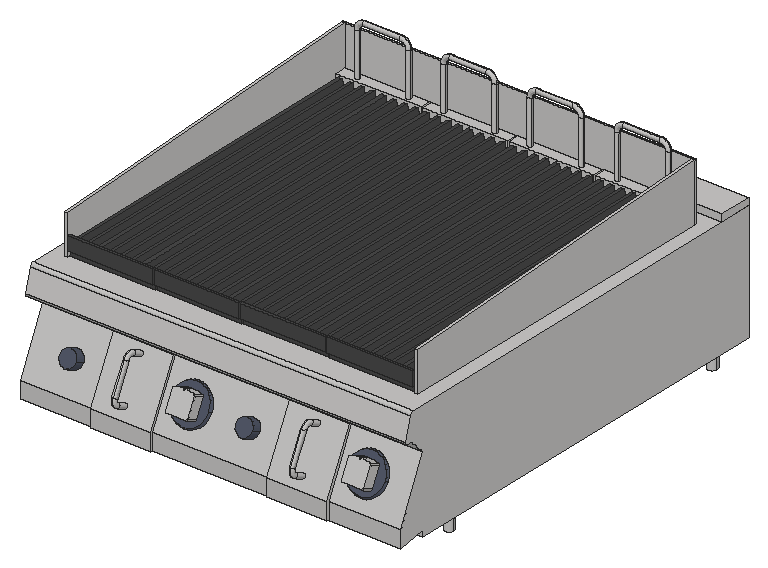
Revit family "QF_ZANUSSI_392065_Z9GRGHGC0P", category Specialty Equipment, Revit 2018
Family settings
  Round Connector Dimension = Use Diameter
  Part Type = Normal
  Work Plane-Based = No
  Always vertical = Yes
  Cut with Voids When Loaded = No
  Shared = No
  Room Calculation Point = No
Parameters
  Width = 800 mm  # constant formula
  Weight in Pounds = 110  # constant formula
  Weight = 0.00 kg
  Watts = 0 W
  Volts = 0 V
  URL Manufacturer = "http://www.zanussiprofessional.com"
  URL Cutsheet = "www.electrolux.com"
  URL = "http://www.zanussiprofessional.com"
  Type Mark [instance] = ""
  Steam Supply Size = 0"
  Steam Supply Minimum Pressure = 0.00 psi
  Steam Supply Maximum Pressure = 0.00 psi
  Steam Pounds per Hour = 0
  Status [instance] = ""
  Specification by User [instance] = ""
  Specification by Manufacturer = ""
  Show Logo [instance] = yes
  Show Clearance [instance] = yes
  Serial Number = ""
  Seismic Rating = ""
  SMACNA No = ""
  Revision Code [instance] = ""
  Refrigeration Suction Line Size = 0"
  Refrigeration Liquid Line Size = 0"
  Refrigerant Compressor Remote = yes
  Phase = 0
  Omniclass Number and Title = ""
  NAFEM Spec ID Number = ""
  Model = "Z9GRGHGC0P"
  Mechanical Remarks [instance] = ""
  Mechanical Connection Type [instance] = ""
  Masterspec = ""
  Manufacturer = "Zanussi"
  Length Actual = 800 mm  # constant formula
  Item Number [instance] = "392065"
  Installed By [instance] = ""
  Identify Quantity as Lot [instance] = yes
  Hot Water Size = 0"
  Height Actual = 250 mm  # constant formula
  HP = "0 HP"
  Gas Size = 1/2"  # constant formula
  Gas RI Height [instance] = 0 mm
  Gas KW [instance] = 21  # constant formula
  Gas Input [instance] = 71589.0 Btu/h  # constant formula
  Gas Connection Height = 0 mm
  Furnished By [instance] = ""
  Foodservice Equipment Identifier [instance] = yes
  Direct Waste Size = 0"
  Description = "GAS GRILL TOP HP 800 MM"
  Depth Actual = 900 mm  # constant formula
  Depth = 915 mm  # constant formula
  Cycle = 0 Hz
  Condensate Return Size = 0"
  Compressed Air Volume = 0 GPM
  Compressed Air Size = 0"
  Compressed Air Pressure = 0.00 psi
  Cold Water Size = 0"
  CSI MasterFormat = ""
  CSI Master Format = ""
  Base Height [instance] = 0 mm
  Accessory = yes
Reference planes
  plane 1 "BACK": y = 0
  plane 2: z = 0
  plane 3 "LEFT": x = 0
  plane 4 "RIGHT": x = 800
  plane 5 "FRONT": y = -915
  plane 6 "TOP": z = 274
  plane 7 "Center Y": x = 400
  plane 8 "Center X": y = -457.5
  plane 9: z = 24
  plane 10: z = 424
  plane 11: x = 11
  plane 12: x = 789
  plane 13: y = -1690
  plane 14: x = 748
Forms (mm)
  Extrusion 1, solid, material "QF_Finishes_Stainless Steel"
    sketch origin (0, 0, 0) x (0, 1, 0) y (0, 0, 1)
      loop
        line (0, 24) -> (0, 274) -> (-879.358, 274)
        arc (-879.358, 274) -> (-884.643, 271.811) -> (-886.833, 266.526) r 7.474
        line (-886.833, 266.526) -> (-899.884, 221.011)
        arc (-899.884, 221.011) -> (-899.396, 218.379) -> (-897, 217.184) r 3
        line (-897, 217.184) -> (-886.802, 217.184) -> (-854.982, 185.364) -> (-915, 64.508) -> (-915, 29.508) -> (-858.645, 37.428)
        arc (-858.645, 37.428) -> (-856.101, 36.674) -> (-855, 34.259) r 3.2
        line (-855, 34.259) -> (-855, 24) -> (0, 24)
    from 0 to 800.1
  Extrusion 2, solid, material "QF_Finishes_Stainless Steel"
    sketch origin (0, 0, 0) x (1, 0, 0) y (0, 1, 0)
      loop
        circle (11, -80) r 9.525
      loop
        circle (11, -773) r 9.525
      loop
        circle (789, -80) r 9.525
      loop
        circle (789, -773) r 9.525
    from 0 to 24
  Extrusion 3, solid, material "QF_Clearances", visible <- "Show Clearance", detail levels coarse
    sketch origin (0, 0, 0) x (1, 0, 0) y (0, 1, 0)
      loop
        line (0, -915) -> (0, 0) -> (800, 0) -> (800, -915) -> (950.119, -915) -> (950.119, 150.019) -> (-150.019, 150.019) -> (-150.019, -915) -> (0, -915)
    from 0 to 424
  Sweep 4, solid, material "QF_Door-Drawer Clearances", visible <- "Show Clearance", detail levels coarse
    path origin (213.65, -948.649, 0) x (0, 1, 0) y (0, 0, 1)
      loop
        line (-670.615, 170.424) -> (-691.243, 179.918)
        arc (-691.243, 179.918) -> (-700.956, 180.294) -> (-708.09, 173.692) r 12.7
        line (-708.09, 173.692) -> (-735.638, 113.839)
        arc (-735.638, 113.839) -> (-736.013, 104.126) -> (-729.411, 96.993) r 12.7
        line (-729.411, 96.993) -> (-708.782, 87.498)
    profile origin (213.65, -1629.578, 175.171) x (0, -0.418102, -0.9084) y (1, 0, 0)
      loop
        circle (0, 0) r 4.572
  Extrusion 5, solid, material "QF_Finishes_Black"
    sketch origin (0, 0, 275) x (0, -1, 0) y (1, 0, 0)
      loop
        line (829.485, 36.625) -> (829.485, 216.737) -> (130.285, 216.737) -> (130.285, 36.625) -> (829.485, 36.625)
      loop
        line (130.285, 398.45) -> (130.285, 219.937) -> (829.485, 219.937) -> (829.485, 398.45) -> (130.285, 398.45)
      loop
        line (829.485, 763.475) -> (130.285, 763.475) -> (130.285, 583.363) -> (829.485, 583.363) -> (829.485, 763.475)
      loop
        line (130.285, 401.65) -> (829.485, 401.65) -> (829.485, 580.162) -> (130.285, 580.162) -> (130.285, 401.65)
    from 0 to 12.7
  Extrusion 6, solid, material "QF_Finishes_Stainless Steel"
    sketch origin (0, 0, 275) x (0, -1, 0) y (1, 0, 0)
      loop
        line (130.285, 36.625) -> (130.285, 216.737) -> (107.795, 216.737) -> (107.795, 36.625) -> (130.285, 36.625)
      loop
        line (130.285, 219.938) -> (130.285, 398.45) -> (107.795, 398.45) -> (107.795, 219.938) -> (130.285, 219.938)
      loop
        line (130.285, 763.475) -> (107.795, 763.475) -> (107.795, 583.363) -> (130.285, 583.363) -> (130.285, 763.475)
      loop
        line (130.285, 580.162) -> (107.795, 580.162) -> (107.795, 401.65) -> (130.285, 401.65) -> (130.285, 580.162)
    from 0 to 37.056
  Extrusion 7, solid, material "QF_Finishes_Black"
    sketch origin (52.271, -831.985, 287.7) x (-0.153405, 0, 0.988163) y (-0.988163, 0, -0.153405)
      loop
        line (-25.23, -162.52) -> (3.778, -167.024) -> (31.408, 10.957) -> (2.4, 15.46) -> (-25.23, -162.52)
      loop
        line (-53.106, -342.082) -> (-24.098, -346.585) -> (3.287, -170.186) -> (-25.721, -165.682) -> (-53.106, -342.082)
      loop
        line (-80.981, -521.643) -> (-51.973, -526.147) -> (-24.588, -349.747) -> (-53.597, -345.244) -> (-80.981, -521.643)
      loop
        line (-109.103, -702.786) -> (-80.094, -707.289) -> (-52.464, -529.309) -> (-81.472, -524.806) -> (-109.103, -702.786)
    from 5 to 0
  Sweep 8, solid, material "QF_Finishes_Stainless Steel"
    path origin (2.969, -118.772, 31.265) x (0, 0, 1) y (-1, 0, 0)
      loop
        line (279.79, -69.374) -> (372.677, -69.374)
        arc (372.677, -69.374) -> (383.453, -73.837) -> (387.917, -84.614) r 15.24
        line (387.917, -84.614) -> (387.917, -162.056)
        arc (387.917, -162.056) -> (383.453, -172.833) -> (372.677, -177.296) r 15.24
        line (372.677, -177.296) -> (279.79, -177.296)
    profile origin (72.343, -118.772, 357.499) x (-1, 0, 0) y (0, -1, 0)
      loop
        circle (0, 0) r 4.572
  Sweep 9, solid, material "QF_Finishes_Stainless Steel"
    path origin (173.525, -118.772, 31.265) x (0, 0, 1) y (-1, 0, 0)
      loop
        line (279.79, -80.474) -> (372.677, -80.474)
        arc (372.677, -80.474) -> (383.453, -84.937) -> (387.917, -95.714) r 15.24
        line (387.917, -95.714) -> (387.917, -173.156)
        arc (387.917, -173.156) -> (383.453, -183.933) -> (372.677, -188.396) r 15.24
        line (372.677, -188.396) -> (279.79, -188.396)
    profile origin (253.999, -118.772, 357.499) x (-1, 0, 0) y (0, -1, 0)
      loop
        circle (0, 0) r 4.572
  Extrusion 10, solid, material "QF_Finishes_Stainless Steel"
    sketch origin (35.025, -104.885, 396.363) x (0, -1, 0) y (0, 0, -1)
      loop
        line (0, 0) -> (728.115, 38.857) -> (728.115, 122.362) -> (0, 122.362) -> (0, 0)
    from 0 to -6.35
  Extrusion 11, solid, material "QF_Finishes_Stainless Steel"
    sketch origin (35.025, -104.885, 274) x (0, 0, 1) y (1, 0, 0)
      loop
        line (0, -6.35) -> (122.362, -6.35) -> (122.363, 736.3) -> (0, 736.3) -> (0, -6.35)
    from 0 to 3.2
  Sweep 12, solid, material "QF_Finishes_Stainless Steel"
    path origin (796.35, -118.772, 31.265) x (0, 0, 1) y (-1, 0, 0)
      loop
        line (279.79, 69.374) -> (372.677, 69.374)
        arc (372.677, 69.374) -> (383.453, 73.837) -> (387.917, 84.614) r 15.24
        line (387.917, 84.614) -> (387.917, 162.056)
        arc (387.917, 162.056) -> (383.453, 172.833) -> (372.677, 177.296) r 15.24
        line (372.677, 177.296) -> (279.79, 177.296)
    profile origin (726.976, -118.772, 357.499) x (-1, 0, 0) y (0, -1, 0)
      loop
        circle (0, 0) r 4.572
  Sweep 13, solid, material "QF_Finishes_Stainless Steel"
    path origin (624.153, -118.772, 31.265) x (0, 0, 1) y (-1, 0, 0)
      loop
        line (279.79, 80.474) -> (372.677, 80.474)
        arc (372.677, 80.474) -> (383.453, 84.937) -> (387.917, 95.714) r 15.24
        line (387.917, 95.714) -> (387.917, 173.156)
        arc (387.917, 173.156) -> (383.453, 183.933) -> (372.677, 188.396) r 15.24
        line (372.677, 188.396) -> (279.79, 188.396)
    profile origin (543.679, -118.772, 357.499) x (-1, 0, 0) y (0, -1, 0)
      loop
        circle (0, 0) r 4.572
  Extrusion 14, solid, material "QF_Finishes_Stainless Steel"
    sketch origin (0, 0, 275) x (0, -1, 0) y (1, 0, 0)
      loop
        line (0, 800.1) -> (0, 0) -> (69.85, 0) -> (69.85, 800.1) -> (0, 800.1)
    from 0 to 14.3
  Extrusion 15, solid, material "QF_Finishes_Stainless Steel"
    sketch origin (764.975, -104.885, 396.363) x (0, -1, 0) y (0, 0, 1)
      loop
        line (0, 0) -> (0, -122.362) -> (728.115, -122.362) -> (728.115, -38.857) -> (0, 0)
    from 0 to -6.35
  Extrusion 16, solid, material "QF_Finishes_Stainless Steel"
    sketch origin (0, 0, 24) x (-1, 0, 0) y (0, 1, 0)
      loop
        circle (-748, -648) r 6.35
    from 0 to 9
  Extrusion 17, solid, material "QF_Finishes_Stainless Steel"
    sketch origin (0, 0, 0) x (1, 0, 0) y (0, 0, 1)
      loop
        circle (748, 78) r 6.35
    from 50 to 101.685
  Sweep 18, solid, material "QF_Finishes_Stainless Steel"
    path origin (387.393, -208.902, -20.16) x (0, 0.999563, -0.029571) y (0, 0.029571, 0.999563)
      loop
        line (-662.718, 170.424) -> (-683.347, 179.918)
        arc (-683.347, 179.918) -> (-693.06, 180.294) -> (-700.193, 173.692) r 12.7
        line (-700.193, 173.692) -> (-727.741, 113.839)
        arc (-727.741, 113.839) -> (-728.117, 104.126) -> (-721.514, 96.993) r 12.7
        line (-721.514, 96.993) -> (-700.886, 87.498)
    profile origin (387.393, -876.46, 174.836) x (0, -0.444781, -0.895639) y (1, 0, 0)
      loop
        circle (0, 200.05) r 4.572
  Extrusion 19, solid, material "QF_Finishes_Drawer Clearance", visible <- "Show Clearance", detail levels coarse
    sketch origin (521.343, -200, -1.582) x (0, 1, 0) y (0, 0, 1)
      loop
        line (-718.2, 31.09) -> (-718.2, 66.841) -> (-658.224, 187.612) -> (-1412.081, 187.612) -> (-1467.667, 66.841) -> (-1467.667, 31.09) -> (-718.2, 31.09)
    from 0 to 127
  Extrusion 20, solid, material "QF_Plastic-Black-Matte"
    sketch origin (649.993, -884.991, 124.936) x (0, 0.444781, 0.895639) y (0, 0.895639, -0.444781)
      loop
        line (26.984, -34) -> (23.984, -34) -> (23.984, -35) -> (26.984, -35)
        arc (26.984, -35) -> (27.691, -34.707) -> (27.984, -34) r 1
        line (27.984, -34) -> (27.984, -19) -> (26.984, -19) -> (26.984, -34)
    from -58.5 to -56.5
  Extrusion 21, solid, material "QF_Finishes_Stainless Steel"
    sketch origin (707.493, -884.991, 124.936) x (-1, 0, 0) y (0, -0.444781, -0.895639)
      loop
        line (17.6, -17.5) -> (17.6, 17.5) -> (-17.4, 17.5) -> (-17.4, -17.5) -> (17.6, -17.5)
    from 5 to 10
  Extrusion 22, solid, material "QF_Finishes_Stainless Steel"
    sketch origin (707.493, -884.991, 124.936) x (-1, 0, 0) y (0, -0.444781, -0.895639)
      loop
        arc (-21.047, -22.789) -> (0.1, -26.984) -> (21.247, -22.789) r 55.4
        arc (21.247, -22.789) -> (22.594, -21.685) -> (23.1, -20.019) r 2.997
        line (23.1, -20.019) -> (23.1, 20.019)
        arc (23.1, 20.019) -> (22.222, 22.138) -> (20.103, 23.016) r 2.997
        line (20.103, 23.016) -> (-19.903, 23.016)
        arc (-19.903, 23.016) -> (-22.022, 22.138) -> (-22.9, 20.019) r 2.997
        line (-22.9, 20.019) -> (-22.9, -20.019)
        arc (-22.9, -20.019) -> (-22.394, -21.685) -> (-21.047, -22.789) r 2.997
    from 10 to 34
  Blend 23, solid, material "QF_Finishes_Navy Blue"
    base sketch origin (707.493, -884.991, 124.936) x (1, 0, 0) y (0, 0.444781, 0.895639)
      loop
        circle (-0.1, 0) r 42.5
    top sketch origin (707.493, -884.991, 124.936) x (1, 0, 0) y (0, 0.444781, 0.895639)
      loop
        circle (-0.1, 0) r 40.5
    from 0 to 5
  Sweep 24, solid, material "QF_Finishes_Stainless Steel"
    path origin (13.472, -208.902, -20.16) x (0, 0.999563, -0.029571) y (0, 0.029571, 0.999563)
      loop
        line (-662.718, 170.424) -> (-683.347, 179.918)
        arc (-683.347, 179.918) -> (-693.06, 180.294) -> (-700.193, 173.692) r 12.7
        line (-700.193, 173.692) -> (-727.741, 113.839)
        arc (-727.741, 113.839) -> (-728.117, 104.126) -> (-721.514, 96.993) r 12.7
        line (-721.514, 96.993) -> (-700.886, 87.498)
    profile origin (13.472, -876.46, 174.836) x (0, -0.444781, -0.895639) y (1, 0, 0)
      loop
        circle (0, 200.05) r 4.572
  Extrusion 25, solid, material "QF_Plastic-Black-Matte"
    sketch origin (279.193, -884.991, 124.936) x (0, 0.444781, 0.895639) y (0, 0.895639, -0.444781)
      loop
        line (26.984, -34) -> (23.984, -34) -> (23.984, -35) -> (26.984, -35)
        arc (26.984, -35) -> (27.691, -34.707) -> (27.984, -34) r 1
        line (27.984, -34) -> (27.984, -19) -> (26.984, -19) -> (26.984, -34)
    from -58.5 to -56.5
  Extrusion 26, solid, material "QF_Finishes_Stainless Steel"
    sketch origin (336.693, -884.991, 124.936) x (-1, 0, 0) y (0, -0.444781, -0.895639)
      loop
        line (17.55, -17.5) -> (17.55, 17.5) -> (-17.45, 17.5) -> (-17.45, -17.5) -> (17.55, -17.5)
    from 5 to 10
  Extrusion 27, solid, material "QF_Finishes_Stainless Steel"
    sketch origin (336.693, -884.991, 124.936) x (-1, 0, 0) y (0, -0.444781, -0.895639)
      loop
        arc (-21.097, -22.789) -> (0.05, -26.984) -> (21.197, -22.789) r 55.4
        arc (21.197, -22.789) -> (22.544, -21.685) -> (23.05, -20.019) r 2.997
        line (23.05, -20.019) -> (23.05, 20.019)
        arc (23.05, 20.019) -> (22.172, 22.138) -> (20.053, 23.016) r 2.997
        line (20.053, 23.016) -> (-19.953, 23.016)
        arc (-19.953, 23.016) -> (-22.072, 22.138) -> (-22.95, 20.019) r 2.997
        line (-22.95, 20.019) -> (-22.95, -20.019)
        arc (-22.95, -20.019) -> (-22.444, -21.685) -> (-21.097, -22.789) r 2.997
    from 10 to 34
  Blend 28, solid, material "QF_Finishes_Navy Blue"
    base sketch origin (336.693, -884.991, 124.936) x (1, 0, 0) y (0, 0.444781, 0.895639)
      loop
        circle (-0.05, 0) r 42.5
    top sketch origin (336.693, -884.991, 124.936) x (1, 0, 0) y (0, 0.444781, 0.895639)
      loop
        circle (-0.05, 0) r 40.5
    from 0 to 5
  Extrusion 29, solid, material "QF_Finishes_Stainless Steel"
    sketch origin (173.23, -322.343, 1257.92) x (1, 0, 0) y (0, 0.444781, 0.895639)
      loop
        circle (-80, -1265) r 15
    from 0 to 3
  Extrusion 30, solid, material "QF_Finishes_Navy Blue"
    sketch origin (173.23, -322.343, 1257.92) x (1, 0, 0) y (0, 0.444781, 0.895639)
      loop
        circle (-80, -1265) r 18
    from 3 to 23
  Extrusion 31, solid, material "QF_Finishes_Stainless Steel"
    sketch origin (150.543, -200, -1.582) x (0, 1, 0) y (0, 0, 1)
      loop
        line (-715, 66.09) -> (-655.358, 186.189) -> (-658.224, 187.612) -> (-718.2, 66.841) -> (-718.2, 31.09) -> (-715, 31.09) -> (-715, 66.09)
    from 0 to 127
  Extrusion 32, solid, material "QF_Finishes_Stainless Steel"
    sketch origin (544.03, -322.343, 1257.92) x (1, 0, 0) y (0, 0.444781, 0.895639)
      loop
        circle (-80.05, -1265) r 15
    from 0 to 3
  Extrusion 33, solid, material "QF_Finishes_Navy Blue"
    sketch origin (544.03, -322.343, 1257.92) x (1, 0, 0) y (0, 0.444781, 0.895639)
      loop
        circle (-80.05, -1265) r 18
    from 3 to 23
  Extrusion 34, solid, material "QF_Finishes_Drawer Clearance", visible <- "Show Clearance", detail levels coarse
    sketch origin (150.543, -200, -1.582) x (0, 1, 0) y (0, 0, 1)
      loop
        line (-718.2, 31.09) -> (-718.2, 66.841) -> (-658.224, 187.612) -> (-1412.081, 187.612) -> (-1467.667, 66.841) -> (-1467.667, 31.09) -> (-718.2, 31.09)
    from 0 to 127
  Sweep 35, solid, material "QF_Door-Drawer Clearances", visible <- "Show Clearance", detail levels coarse
    path origin (587.571, -948.649, 0) x (0, 1, 0) y (0, 0, 1)
      loop
        line (-670.615, 170.424) -> (-691.243, 179.918)
        arc (-691.243, 179.918) -> (-700.956, 180.294) -> (-708.09, 173.692) r 12.7
        line (-708.09, 173.692) -> (-735.638, 113.839)
        arc (-735.638, 113.839) -> (-736.013, 104.126) -> (-729.411, 96.993) r 12.7
        line (-729.411, 96.993) -> (-708.782, 87.498)
    profile origin (587.571, -1629.578, 175.171) x (0, -0.418102, -0.9084) y (1, 0, 0)
      loop
        circle (0, 0) r 4.572
  Extrusion 36, solid, material "QF_Finishes_Stainless Steel"
    sketch origin (150.543, -200, -1.582) x (0, 1, 0) y (0, 0, 1)
      loop
        line (-715, 66.09) -> (-655.358, 186.189) -> (-658.224, 187.612) -> (-718.2, 66.841) -> (-718.2, 31.09) -> (-715, 31.09) -> (-715, 66.09)
    from 370.8 to 497.8
Lines and regions (mm)
  Split face 1
    outline origin (707.493, -889.469, 127.16) x (1, 0, 0) y (0, 0.444781, 0.895639)
      loop
        circle (0, 34.714) r 1.714
  Split face 2
    outline origin (707.493, -889.469, 127.16) x (1, 0, 0) y (0, 0.444781, 0.895639)
      loop
        circle (-17.357, 30.063) r 2
  Split face 3
    outline origin (707.493, -889.469, 127.16) x (1, 0, 0) y (0, 0.444781, 0.895639)
      loop
        circle (17.357, 30.063) r 2
  Split face 4
    outline origin (707.493, -889.469, 127.16) x (1, 0, 0) y (0, 0.444781, 0.895639)
      loop
        line (-23.985, -28.584) -> (-20.542, -24.481)
        arc (-20.542, -24.481) -> (-27.511, -15.911) -> (-31.231, -5.511) r 32.719
        line (-31.231, -5.511) -> (-37.141, -6.549)
        arc (-37.141, -6.549) -> (-32.568, -18.764) -> (-23.985, -28.584) r 36.411
  Split face 5
    outline origin (707.493, -889.469, 127.16) x (1, 0, 0) y (0, 0.444781, 0.895639)
      loop
        arc (20.441, -26.163) -> (0.211, -32.559) -> (-19.689, -25.201) r 32.719
        line (-19.689, -25.201) -> (-22.952, -29.377)
        arc (-22.952, -29.377) -> (-0.277, -36.495) -> (21.959, -28.107) r 36.411
        line (21.959, -28.107) -> (20.441, -26.163)
  Split face 6
    outline origin (707.493, -889.469, 127.16) x (1, 0, 0) y (0, 0.444781, 0.895639)
      loop
        line (21.361, -25.457) -> (22.903, -27.295)
        arc (22.903, -27.295) -> (31.935, -14.958) -> (35.104, 0) r 36.411
        line (35.104, 0) -> (33.714, 0)
        arc (33.714, 0) -> (30.431, -14.133) -> (21.361, -25.457) r 32.719
  Split face 7
    outline origin (707.493, -889.469, 127.16) x (1, 0, 0) y (0, 0.444781, 0.895639)
      loop
        arc (-37.695, 1.149) -> (-34.899, -3.19) -> (-31.619, 0.795) r 3.195
        line (-31.619, 0.795) -> (-32.379, 3.751)
        arc (-32.379, 3.751) -> (-34.462, 5.448) -> (-36.693, 3.952) r 2.258
        line (-36.693, 3.952) -> (-37.695, 1.149)
  Split face 8
    outline origin (336.693, -889.469, 127.16) x (1, 0, 0) y (0, 0.444781, 0.895639)
      loop
        circle (0, 34.714) r 1.714
  Split face 9
    outline origin (336.693, -889.469, 127.16) x (1, 0, 0) y (0, 0.444781, 0.895639)
      loop
        circle (-17.357, 30.063) r 2
  Split face 10
    outline origin (336.693, -889.469, 127.16) x (1, 0, 0) y (0, 0.444781, 0.895639)
      loop
        circle (17.357, 30.063) r 2
  Split face 11
    outline origin (336.693, -889.469, 127.16) x (1, 0, 0) y (0, 0.444781, 0.895639)
      loop
        line (-23.985, -28.584) -> (-20.542, -24.481)
        arc (-20.542, -24.481) -> (-27.511, -15.911) -> (-31.231, -5.511) r 32.719
        line (-31.231, -5.511) -> (-37.141, -6.549)
        arc (-37.141, -6.549) -> (-32.568, -18.764) -> (-23.985, -28.584) r 36.411
  Split face 12
    outline origin (336.693, -889.469, 127.16) x (1, 0, 0) y (0, 0.444781, 0.895639)
      loop
        arc (20.441, -26.163) -> (0.211, -32.559) -> (-19.689, -25.201) r 32.719
        line (-19.689, -25.201) -> (-22.952, -29.377)
        arc (-22.952, -29.377) -> (-0.277, -36.495) -> (21.959, -28.107) r 36.411
        line (21.959, -28.107) -> (20.441, -26.163)
  Split face 13
    outline origin (336.693, -889.469, 127.16) x (1, 0, 0) y (0, 0.444781, 0.895639)
      loop
        line (21.361, -25.457) -> (22.903, -27.295)
        arc (22.903, -27.295) -> (31.935, -14.958) -> (35.104, 0) r 36.411
        line (35.104, 0) -> (33.714, 0)
        arc (33.714, 0) -> (30.431, -14.133) -> (21.361, -25.457) r 32.719
  Split face 14
    outline origin (336.693, -889.469, 127.16) x (1, 0, 0) y (0, 0.444781, 0.895639)
      loop
        arc (-37.695, 1.149) -> (-34.899, -3.19) -> (-31.619, 0.795) r 3.195
        line (-31.619, 0.795) -> (-32.379, 3.751)
        arc (-32.379, 3.751) -> (-34.462, 5.448) -> (-36.693, 3.952) r 2.258
        line (-36.693, 3.952) -> (-37.695, 1.149)
  symbolic lines, style "QF_Door-Drawer Clearances"
    curve 1: line (278.15, -1665.621, 0) -> (278.15, -915, 0)
    curve 2: line (278.15, -1665.621, 0) -> (218.222, -1665.621, 0)
    curve 3: line (151.15, -1665.621, 0) -> (151.15, -915, 0)
    curve 4: spline (213.65, -1617.352, 0) -> (214.247, -1617.369, 0) -> (214.833, -1617.417, 0) -> (215.4, -1617.498, 0) -> (215.936, -1617.608, 0) -> (216.433, -1617.747, 0) -> (216.883, -1617.912, 0) -> (217.277, -1618.1, 0) -> (217.609, -1618.308, 0) -> (217.874, -1618.532, 0) -> (218.066, -1618.769, 0) -> (218.183, -1619.014, 0) -> (218.222, -1619.264, 0)
    curve 5: spline (209.078, -1619.264, 0) -> (209.117, -1619.014, 0) -> (209.234, -1618.769, 0) -> (209.426, -1618.532, 0) -> (209.691, -1618.308, 0) -> (210.023, -1618.1, 0) -> (210.417, -1617.912, 0) -> (210.867, -1617.747, 0) -> (211.364, -1617.608, 0) -> (211.9, -1617.498, 0) -> (212.467, -1617.417, 0) -> (213.053, -1617.369, 0) -> (213.65, -1617.352, 0)
    curve 6: line (218.222, -1619.264, 0) -> (218.222, -1685.435, 0)
    curve 7: line (209.078, -1619.264, 0) -> (209.078, -1685.435, 0)
    curve 8: arc (209.078, -1685.435, 0) -> (213.65, -1690.007, 0) -> (218.222, -1685.435, 0) r 4.572
    curve 9: line (648.95, -1665.621, 0) -> (648.95, -915, 0)
    curve 10: line (648.95, -1665.621, 0) -> (590.897, -1665.621, 0)
    curve 11: line (521.95, -1665.621, 0) -> (521.95, -915, 0)
    curve 12: spline (586.325, -1617.352, 0) -> (586.922, -1617.369, 0) -> (587.508, -1617.417, 0) -> (588.075, -1617.498, 0) -> (588.611, -1617.608, 0) -> (589.108, -1617.747, 0) -> (589.558, -1617.912, 0) -> (589.952, -1618.1, 0) -> (590.284, -1618.308, 0) -> (590.549, -1618.532, 0) -> (590.741, -1618.769, 0) -> (590.858, -1619.014, 0) -> (590.897, -1619.264, 0)
    curve 13: spline (581.753, -1619.264, 0) -> (581.792, -1619.014, 0) -> (581.909, -1618.769, 0) -> (582.101, -1618.532, 0) -> (582.366, -1618.308, 0) -> (582.698, -1618.1, 0) -> (583.092, -1617.912, 0) -> (583.542, -1617.747, 0) -> (584.039, -1617.608, 0) -> (584.575, -1617.498, 0) -> (585.142, -1617.417, 0) -> (585.728, -1617.369, 0) -> (586.325, -1617.352, 0)
    curve 14: line (590.897, -1619.264, 0) -> (590.897, -1685.435, 0)
    curve 15: line (581.753, -1619.264, 0) -> (581.753, -1685.435, 0)
    curve 16: arc (581.753, -1685.435, 0) -> (586.325, -1690.007, 0) -> (590.897, -1685.435, 0) r 4.572
    curve 17: line (581.753, -1665.621, 0) -> (521.95, -1665.621, 0)
    curve 18: line (209.078, -1665.621, 0) -> (151.15, -1665.621, 0)
  symbolic lines, style "QF_Clearances", visible <- "Show Clearance", detail levels coarse
    curve 19: line (950.119, -915, 0) -> (950.119, 150.019, 0)
    curve 20: line (950.119, 150.019, 0) -> (-150.019, 150.019, 0)
    curve 21: line (-150.019, 150.019, 0) -> (-150.019, -915, 0)
  symbolic lines
    curve 22: line (0, 0, 0) -> (0, -915, 0)
    curve 23: line (800, 0, 0) -> (0, 0, 0)
    curve 24: line (800, -915, 0) -> (800, 0, 0)
    curve 25: line (0, -69.85, 0) -> (800, -69.85, 0)
    curve 26: line (771.325, -833, 0) -> (771.325, -98.535, 0)
    curve 27: line (35.025, -104.885, 0) -> (764.975, -104.885, 0)
    curve 28: line (764.975, -104.885, 0) -> (764.975, -833, 0)
    curve 29: line (763.475, -821.985, 0) -> (763.475, -107.795, 0)
    curve 30: line (763.475, -107.795, 0) -> (583.363, -107.795, 0)
    curve 31: line (583.363, -130.285, 0) -> (763.475, -130.285, 0)
    curve 32: line (583.363, -107.795, 0) -> (583.363, -821.985, 0)
    curve 33: line (36.625, -821.985, 0) -> (216.737, -821.985, 0)
    curve 34: line (216.737, -816.985, 0) -> (36.625, -816.985, 0)
    curve 35: line (219.938, -821.985, 0) -> (398.45, -821.985, 0)
    curve 36: line (398.45, -816.985, 0) -> (219.938, -816.985, 0)
    curve 37: line (401.65, -821.985, 0) -> (580.162, -821.985, 0)
    curve 38: line (580.162, -816.985, 0) -> (401.65, -816.985, 0)
    curve 39: line (583.363, -821.985, 0) -> (763.475, -821.985, 0)
    curve 40: line (763.475, -816.985, 0) -> (583.363, -816.985, 0)
    curve 41: line (764.975, -833, 0) -> (771.325, -833, 0)
    curve 42: line (28.675, -833, 0) -> (28.675, -98.535, 0)
    curve 43: line (35.025, -104.885, 0) -> (35.025, -833, 0)
    curve 44: line (35.025, -833, 0) -> (28.675, -833, 0)
    curve 45: line (28.675, -98.535, 0) -> (771.325, -98.535, 0)
    curve 46: line (619.054, -123.344, 0) -> (727.022, -123.344, 0)
    curve 47: line (619.054, -114.2, 0) -> (727.022, -114.2, 0)
    curve 48: arc (727.022, -114.2, 0) -> (731.594, -118.772, 0) -> (727.022, -123.344, 0) r 4.572
    curve 49: arc (619.054, -114.2, 0) -> (614.482, -118.772, 0) -> (619.054, -123.344, 0) r 4.572
    curve 50: line (580.162, -821.985, 0) -> (580.162, -107.795, 0)
    curve 51: line (580.162, -107.795, 0) -> (401.65, -107.795, 0)
    curve 52: line (401.65, -130.285, 0) -> (580.162, -130.285, 0)
    curve 53: line (401.65, -107.795, 0) -> (401.65, -821.985, 0)
    curve 54: line (435.741, -123.344, 0) -> (543.71, -123.344, 0)
    curve 55: line (435.741, -114.2, 0) -> (543.71, -114.2, 0)
    curve 56: arc (543.71, -114.2, 0) -> (548.282, -118.772, 0) -> (543.71, -123.344, 0) r 4.572
    curve 57: arc (435.741, -114.2, 0) -> (431.169, -118.772, 0) -> (435.741, -123.344, 0) r 4.572
    curve 58: line (398.45, -821.985, 0) -> (398.45, -107.795, 0)
    curve 59: line (398.45, -107.795, 0) -> (219.938, -107.795, 0)
    curve 60: line (219.938, -130.285, 0) -> (398.45, -130.285, 0)
    curve 61: line (219.938, -107.795, 0) -> (219.938, -821.985, 0)
    curve 62: line (254.029, -123.344, 0) -> (361.997, -123.344, 0)
    curve 63: line (254.029, -114.2, 0) -> (361.997, -114.2, 0)
    curve 64: arc (361.997, -114.2, 0) -> (366.569, -118.772, 0) -> (361.997, -123.344, 0) r 4.572
    curve 65: arc (254.029, -114.2, 0) -> (249.457, -118.772, 0) -> (254.029, -123.344, 0) r 4.572
    curve 66: line (216.737, -821.985, 0) -> (216.737, -107.795, 0)
    curve 67: line (216.737, -107.795, 0) -> (36.625, -107.795, 0)
    curve 68: line (36.625, -130.285, 0) -> (216.737, -130.285, 0)
    curve 69: line (36.625, -107.795, 0) -> (36.625, -821.985, 0)
    curve 70: line (72.316, -123.344, 0) -> (180.285, -123.344, 0)
    curve 71: line (72.316, -114.2, 0) -> (180.285, -114.2, 0)
    curve 72: arc (180.285, -114.2, 0) -> (184.857, -118.772, 0) -> (180.285, -123.344, 0) r 4.572
    curve 73: arc (72.316, -114.2, 0) -> (67.744, -118.772, 0) -> (72.316, -123.344, 0) r 4.572
    curve 74: line (313.693, -900, 0) -> (313.693, -924.347, 0)
    curve 75: arc (313.693, -924.347, 0) -> (313.839, -924.811, 0) -> (314.225, -925.107, 0) r 0.809
    curve 76: arc (314.225, -925.107, 0) -> (315.413, -925.587, 0) -> (316.691, -925.68, 0) r 4.127
    curve 77: arc (313.693, -904.292, 0) -> (308.652, -902.458, 0) -> (303.884, -900, 0) r 42.24
    curve 78: arc (313.693, -906.539, 0) -> (314.195, -905.818, 0) -> (314.993, -905.448, 0) r 1.682
    curve 79: arc (314.993, -905.448, 0) -> (325.295, -903.955, 0) -> (335.693, -903.45, 0) r 109.069
    curve 80: line (335.693, -900, 0) -> (335.693, -905.671, 0)
    curve 81: line (335.693, -905.671, 0) -> (337.693, -905.671, 0)
    curve 82: line (337.693, -905.671, 0) -> (337.693, -900, 0)
    curve 83: line (359.693, -900, 0) -> (359.693, -924.347, 0)
    curve 84: arc (359.693, -924.347, 0) -> (359.547, -924.811, 0) -> (359.161, -925.107, 0) r 0.809
    curve 85: arc (359.161, -925.107, 0) -> (357.973, -925.587, 0) -> (356.696, -925.68, 0) r 4.127
    curve 86: arc (359.693, -904.292, 0) -> (364.734, -902.458, 0) -> (369.502, -900, 0) r 42.24
    curve 87: arc (359.693, -906.539, 0) -> (359.191, -905.818, 0) -> (358.394, -905.448, 0) r 1.682
    curve 88: arc (358.394, -905.448, 0) -> (348.092, -903.945, 0) -> (337.693, -903.431, 0) r 109.088
    curve 89: line (316.691, -925.68, 0) -> (356.696, -925.68, 0)
    curve 90: line (0, -900, 0) -> (800, -900, 0)
    curve 91: line (212.75, -900, 0) -> (212.75, -934.218, 0)
    curve 92: line (221.75, -900, 0) -> (221.75, -934.218, 0)
    curve 93: arc (212.75, -934.218, 0) -> (217.25, -938.718, 0) -> (221.75, -934.218, 0) r 4.5
    curve 94: line (151.15, -900, 0) -> (151.15, -918.2, 0)
    curve 95: line (151.15, -918.2, 0) -> (212.75, -918.2, 0)
    curve 96: line (221.75, -918.2, 0) -> (278.15, -918.2, 0)
    curve 97: line (278.15, -918.2, 0) -> (278.15, -900, 0)
    curve 98: line (151.15, -915, 0) -> (212.75, -915, 0)
    curve 99: line (221.75, -915, 0) -> (278.15, -915, 0)
    curve 100: line (0, -915, 0) -> (151.15, -915, 0)
    curve 101: line (278.15, -915, 0) -> (313.693, -915, 0)
    curve 102: line (359.693, -915, 0) -> (519.643, -915, 0)
    curve 103: line (75.23, -905.591, 0) -> (75.23, -900, 0)
    curve 104: line (111.23, -905.591, 0) -> (111.23, -900, 0)
    curve 105: spline (75.23, -905.591, 0) -> (75.843, -907.663, 0) -> (77.641, -909.594, 0) -> (80.502, -911.252, 0) -> (84.23, -912.524, 0) -> (88.571, -913.324, 0) -> (93.23, -913.597, 0) -> (97.889, -913.324, 0) -> (102.23, -912.524, 0) -> (105.958, -911.252, 0) -> (108.818, -909.594, 0) -> (110.617, -907.663, 0) -> (111.23, -905.591, 0)
    curve 106: spline (111.23, -905.591, 0) -> (111.193, -905.075, 0) -> (111.081, -904.562, 0) -> (110.895, -904.053, 0) -> (110.636, -903.55, 0) -> (110.304, -903.056, 0) -> (109.902, -902.573, 0) -> (109.431, -902.102, 0) -> (108.892, -901.645, 0) -> (108.288, -901.205, 0) -> (107.622, -900.783, 0) -> (106.897, -900.381, 0) -> (106.114, -900, 0)
    curve 107: spline (80.345, -900, 0) -> (79.563, -900.381, 0) -> (78.837, -900.783, 0) -> (78.171, -901.205, 0) -> (77.568, -901.645, 0) -> (77.029, -902.102, 0) -> (76.558, -902.573, 0) -> (76.156, -903.056, 0) -> (75.824, -903.55, 0) -> (75.565, -904.053, 0) -> (75.379, -904.562, 0) -> (75.267, -905.075, 0) -> (75.23, -905.591, 0)
    curve 108: line (684.443, -900, 0) -> (684.443, -924.347, 0)
    curve 109: arc (684.443, -924.347, 0) -> (684.589, -924.811, 0) -> (684.975, -925.107, 0) r 0.809
    curve 110: arc (684.975, -925.107, 0) -> (686.163, -925.587, 0) -> (687.441, -925.68, 0) r 4.127
    curve 111: arc (684.443, -904.292, 0) -> (679.402, -902.458, 0) -> (674.634, -900, 0) r 42.24
    curve 112: arc (684.443, -906.539, 0) -> (684.945, -905.818, 0) -> (685.743, -905.448, 0) r 1.682
    curve 113: arc (685.743, -905.448, 0) -> (696.045, -903.95, 0) -> (706.443, -903.441, 0) r 109.079
    curve 114: line (706.443, -900, 0) -> (706.443, -905.671, 0)
    curve 115: line (706.443, -905.671, 0) -> (708.443, -905.671, 0)
    curve 116: line (708.443, -905.671, 0) -> (708.443, -900, 0)
    curve 117: line (730.443, -900, 0) -> (730.443, -924.347, 0)
    curve 118: arc (730.443, -924.347, 0) -> (730.297, -924.811, 0) -> (729.911, -925.107, 0) r 0.809
    curve 119: arc (729.911, -925.107, 0) -> (728.723, -925.587, 0) -> (727.446, -925.68, 0) r 4.127
    curve 120: arc (730.443, -904.292, 0) -> (735.484, -902.458, 0) -> (740.252, -900, 0) r 42.24
    curve 121: arc (730.443, -906.539, 0) -> (729.941, -905.818, 0) -> (729.144, -905.448, 0) r 1.682
    curve 122: arc (729.144, -905.448, 0) -> (718.841, -903.95, 0) -> (708.443, -903.441, 0) r 109.079
    curve 123: line (687.441, -925.68, 0) -> (727.446, -925.68, 0)
    curve 124: line (583.5, -900, 0) -> (583.5, -934.218, 0)
    curve 125: line (592.5, -900, 0) -> (592.5, -934.218, 0)
    curve 126: arc (583.5, -934.218, 0) -> (588, -938.718, 0) -> (592.5, -934.218, 0) r 4.5
    curve 127: line (521.9, -900, 0) -> (521.9, -918.2, 0)
    curve 128: line (521.9, -918.2, 0) -> (583.5, -918.2, 0)
    curve 129: line (592.5, -918.2, 0) -> (648.9, -918.2, 0)
    curve 130: line (648.9, -918.2, 0) -> (648.9, -900, 0)
    curve 131: line (521.9, -915, 0) -> (583.5, -915, 0)
    curve 132: line (592.5, -915, 0) -> (648.9, -915, 0)
    curve 133: line (648.9, -915, 0) -> (684.443, -915, 0)
    curve 134: line (730.443, -915, 0) -> (800, -915, 0)
    curve 135: line (445.98, -905.591, 0) -> (445.98, -900, 0)
    curve 136: line (481.98, -905.591, 0) -> (481.98, -900, 0)
    curve 137: spline (445.98, -905.591, 0) -> (446.593, -907.663, 0) -> (448.391, -909.594, 0) -> (451.252, -911.252, 0) -> (454.98, -912.524, 0) -> (459.321, -913.324, 0) -> (463.98, -913.597, 0) -> (468.639, -913.324, 0) -> (472.98, -912.524, 0) -> (476.708, -911.252, 0) -> (479.568, -909.594, 0) -> (481.367, -907.663, 0) -> (481.98, -905.591, 0)
    curve 138: spline (481.98, -905.591, 0) -> (481.943, -905.075, 0) -> (481.831, -904.562, 0) -> (481.645, -904.053, 0) -> (481.386, -903.55, 0) -> (481.054, -903.056, 0) -> (480.652, -902.573, 0) -> (480.181, -902.102, 0) -> (479.642, -901.645, 0) -> (479.038, -901.205, 0) -> (478.372, -900.783, 0) -> (477.647, -900.381, 0) -> (476.864, -900, 0)
    curve 139: spline (451.095, -900, 0) -> (450.313, -900.381, 0) -> (449.587, -900.783, 0) -> (448.921, -901.205, 0) -> (448.318, -901.645, 0) -> (447.779, -902.102, 0) -> (447.308, -902.573, 0) -> (446.906, -903.056, 0) -> (446.574, -903.55, 0) -> (446.315, -904.053, 0) -> (446.129, -904.562, 0) -> (446.017, -905.075, 0) -> (445.98, -905.591, 0)
Dimensions and locks
  equal spacing: plane 3 "LEFT", plane 7 "Center Y", plane 4 "RIGHT"
  "Width": plane 3 "LEFT" to plane 4 "RIGHT"
  equal spacing: plane 5 "FRONT", plane 8 "Center X", plane 1 "BACK"
  "Depth": plane 5 "FRONT" to plane 1 "BACK"
  plane 6 "TOP" to level = 274 mm
  plane 9 to level = 24 mm
  plane 6 "TOP" to plane 9 = 250 mm
  plane 10 to level = 424 mm
  plane 10 to plane 9 = 400 mm
  locked: plane 11 to plane 3 "LEFT" at 11
  locked: plane 4 "RIGHT" to plane 12 at 11
  plane 11 to plane 12 = 778 mm
  plane 1 "BACK" to plane 13 = 1690 mm
  plane 1 "BACK" to Extrusion 2 to Extrusion 2 to plane 5 "FRONT" = 80 mm, 693 mm, 142 mm
  equal spacing: group 1, group 3, group 4, group 5, group 6, group 7, group 8, group 9, group 10, group 11, group 12, group 13, group 14, group 15, group 16, group 17, group 18, group 19, group 20, group 21, group 22, group 23, group 24, group 25, group 26, group 27, group 28, group 29, group 30, group 31, group 32, group 2  (x3)
  plane 14 to plane 4 "RIGHT" = 52 mm
  plane 1 "BACK" to Extrusion 17 = 50 mm
  Extrusion 16 to plane 1 "BACK" = 648 mm
  aligned and locked: level to plane 2
Automatic sketch dimensions
  plane 5 "FRONT" to curve 21 = 0 mm
  plane 1 "BACK" to curve 23 = 0 mm
  curve 23 to plane 3 "LEFT" = 0 mm
  plane 5 "FRONT" to curve 3 = 0 mm
  curve 25 to plane 4 "RIGHT" = 0 mm
  plane 5 "FRONT" to curve 19 = 0 mm
  curve 20 to plane 3 "LEFT" = 150.019 mm
  curve 45 to plane 11 = 17.675 mm
  curve 42 to curve 43 = 6.35 mm
  curve 43 to curve 33 = 1.6 mm
  curve 68 to curve 70 = 35.691 mm
  plane 13 to curve 18 = 24.379 mm
  curve 18 to plane 11 = 140.15 mm
  curve 71 to curve 71 = 107.969 mm
  plane 13 to curve 7 = 4.565 mm
  curve 3 to curve 7 = 57.928 mm
  curve 7 to curve 8 = 4.572 mm
  curve 3 to curve 33 = 65.587 mm
  curve 66 to curve 61 = 3.2 mm
  curve 59 to curve 63 = 34.091 mm
  plane 13 to curve 1 = 24.379 mm
  curve 2 to curve 1 = 59.928 mm
  curve 63 to plane 7 "Center Y" = 38.003 mm
  curve 59 to plane 7 "Center Y" = 1.55 mm
  plane 7 "Center Y" to curve 53 = 1.65 mm
  curve 51 to curve 55 = 34.091 mm
  plane 13 to curve 17 = 24.379 mm
  plane 7 "Center Y" to curve 17 = 121.95 mm
  curve 54 to curve 54 = 107.969 mm
  curve 56 to curve 50 = 36.453 mm
  plane 13 to curve 15 = 4.565 mm
  curve 11 to curve 15 = 59.803 mm
  curve 37 to curve 39 = 3.2 mm
  curve 16 to curve 16 = 4.572 mm
  curve 30 to curve 49 = 35.691 mm
  plane 13 to curve 10 = 24.379 mm
  curve 10 to curve 10 = 58.053 mm
  plane 14 to curve 48 = 20.978 mm
  curve 29 to plane 14 = 15.475 mm
  curve 29 to curve 41 = 1.5 mm
  curve 28 to curve 26 = 6.35 mm
  curve 20 to plane 4 "RIGHT" = 150.119 mm
  curve 18 to curve 7 = 46.357 mm
  curve 5 to curve 6 = 0 mm
  curve 10 to curve 14 = 46.357 mm
  curve 15 to curve 12 = 0 mm
  curve 28 to plane 5 "FRONT" = 82 mm
  curve 42 to plane 5 "FRONT" = 82 mm
  curve 66 to plane 5 "FRONT" = 93.015 mm
  curve 53 to plane 5 "FRONT" = 93.015 mm
  curve 33 to curve 61 = 0 mm
  curve 28 to curve 29 = 11.015 mm
  plane 1 "BACK" to curve 54 = 123.344 mm
  plane 1 "BACK" to curve 62 = 123.344 mm
  plane 1 "BACK" to curve 70 = 123.344 mm
  curve 54 to curve 46 = 0 mm
  curve 48 to curve 48 = 4.572 mm
  curve 54 to curve 57 = 4.572 mm
  curve 70 to curve 72 = 4.572 mm
  curve 62 to curve 64 = 4.572 mm
  curve 64 to curve 59 = 6.405 mm
  curve 47 to curve 30 = 6.405 mm
  curve 58 to curve 53 = 0 mm
  curve 71 to curve 69 = 6.405 mm
  curve 29 to curve 27 = 2.91 mm
  curve 27 to curve 45 = 6.35 mm
  curve 20 to plane 1 "BACK" = 150.019 mm
  curve 4 to curve 5 = 0 mm
  curve 12 to curve 13 = 0 mm
  curve 12 to curve 12 = 1.912 mm
  curve 4 to curve 5 = 1.912 mm
  curve 29 to curve 40 = 5 mm
  curve 33 to curve 34 = 5 mm
  curve 37 to curve 38 = 5 mm
  curve 36 to curve 38 = 0 mm
  curve 60 to curve 59 = 22.49 mm
  curve 31 to curve 29 = 22.49 mm
  curve 52 to curve 31 = 0 mm
  curve 68 to curve 67 = 22.49 mm
  curve 26 to curve 25 = 28.685 mm
  Extrusion 1 sketch curve to plane 5 "FRONT" = 0 mm
  Extrusion 1 sketch curve to plane 6 "TOP" = 0 mm
  Extrusion 1 sketch curve to plane 9 = 0 mm
  Extrusion 1 sketch curve to plane 1 "BACK" = 0 mm
  Extrusion 1 sketch curve to plane 5 "FRONT" = 15.116 mm
  Extrusion 1 sketch curve to Extrusion 1 sketch curve = 2.884 mm
  Extrusion 1 sketch curve to plane 6 "TOP" = 7.474 mm
  Extrusion 1 sketch curve to plane 5 "FRONT" = 28.167 mm
  Extrusion 1 sketch curve to Extrusion 1 sketch curve = 10.198 mm
  plane 9 to Extrusion 1 sketch curve = 13.428 mm
  Extrusion 1 sketch curve to plane 5 "FRONT" = 56.355 mm
  Extrusion 1 sketch curve to Extrusion 1 sketch curve = 0.445 mm
  Extrusion 1 sketch curve to Extrusion 1 sketch curve = 3.2 mm
  Extrusion 1 sketch curve to Extrusion 1 sketch curve = 31.82 mm  (x2)
  plane 9 to Extrusion 1 sketch curve = 5.508 mm
  Extrusion 1 sketch curve to Extrusion 1 sketch curve = 35 mm
  Extrusion 1 sketch curve to Extrusion 1 sketch curve = 81.162 mm
  Extrusion 1 sketch curve to Extrusion 1 sketch curve = 3 mm
  Extrusion 2 sketch curve to plane 11 = 0 mm  (x2)
  Extrusion 2 sketch curve to plane 12 = 0 mm  (x2)
  Extrusion 2 sketch curve to plane 5 "FRONT" = 142 mm  (x2)
  plane 1 "BACK" to Extrusion 2 sketch curve = 80 mm  (x2)
  plane 5 "FRONT" to Extrusion 3 sketch curve = 0 mm  (x2)
  plane 1 "BACK" to Extrusion 3 sketch curve = 0 mm
  Extrusion 3 sketch curve to plane 3 "LEFT" = 0 mm
  Extrusion 3 sketch curve to plane 4 "RIGHT" = 0 mm
  Extrusion 3 sketch curve to plane 3 "LEFT" = 150.019 mm
  Extrusion 3 sketch curve to plane 4 "RIGHT" = 150.119 mm
  Extrusion 3 sketch curve to plane 1 "BACK" = 150.019 mm
  plane 13 to Sweep 4 sketch curve = 5.713 mm
  plane 13 to Sweep 4 sketch curve = 11.94 mm
  Sweep 4 sketch curve to Sweep 4 sketch curve = 11.537 mm  (x3)
  plane 13 to Sweep 4 sketch curve = 33.261 mm
  Sweep 4 sketch curve to Sweep 4 sketch curve = 5.31 mm  (x2)
  plane 9 to Sweep 4 sketch curve = 72.993 mm
  Sweep 4 sketch curve to Sweep 4 sketch curve = 59.852 mm
  Sweep 4 sketch curve to Sweep 4 sketch curve = 20.629 mm  (x2)
  Sweep 4 sketch curve to Sweep 4 sketch curve = 9.495 mm  (x2)
  Sweep 4 sketch curve to profile plane = 0 mm  (x2)
  Extrusion 5 sketch curve to plane 14 = 15.475 mm
  plane 1 "BACK" to Extrusion 5 sketch curve = 130.285 mm  (x2)
  Extrusion 5 sketch curve to Extrusion 5 sketch curve = 0 mm  (x4)
  Extrusion 5 sketch curve to plane 11 = 25.625 mm
  Extrusion 5 sketch curve to plane 7 "Center Y" = 1.55 mm
  Extrusion 5 sketch curve to plane 5 "FRONT" = 85.515 mm  (x2)
  Extrusion 5 sketch curve to Extrusion 5 sketch curve = 180.112 mm
  Extrusion 5 sketch curve to Extrusion 5 sketch curve = 3.2 mm  (x2)
  plane 7 "Center Y" to Extrusion 5 sketch curve = 1.65 mm
  plane 14 to Extrusion 5 sketch curve = 167.838 mm
  plane 7 "Center Y" to Extrusion 6 sketch curve = 1.65 mm
  plane 1 "BACK" to Extrusion 6 sketch curve = 107.795 mm  (x2)
  Extrusion 6 sketch curve to plane 11 = 25.625 mm
  Extrusion 6 sketch curve to Extrusion 6 sketch curve = 0 mm  (x4)
  Extrusion 6 sketch curve to Extrusion 6 sketch curve = 22.49 mm  (x2)
  Extrusion 6 sketch curve to Extrusion 6 sketch curve = 180.112 mm
  Extrusion 6 sketch curve to Extrusion 6 sketch curve = 3.2 mm  (x2)
  Extrusion 6 sketch curve to plane 7 "Center Y" = 1.55 mm
  plane 14 to Extrusion 6 sketch curve = 167.838 mm
  Extrusion 6 sketch curve to plane 14 = 15.475 mm
  Extrusion 7 sketch curve to nested 1 = 0 mm  (x8)
  nested 1 to Extrusion 7 sketch curve = 702.786 mm
  nested 1 to Extrusion 7 sketch curve = 524.806 mm
  nested 1 to Extrusion 7 sketch curve = 521.643 mm
  nested 1 to Extrusion 7 sketch curve = 707.289 mm
  nested 1 to Extrusion 7 sketch curve = 345.244 mm
  nested 1 to Extrusion 7 sketch curve = 342.082 mm
  nested 1 to Extrusion 7 sketch curve = 526.147 mm
  nested 1 to Extrusion 7 sketch curve = 165.682 mm
  nested 1 to Extrusion 7 sketch curve = 162.52 mm
  nested 1 to Extrusion 7 sketch curve = 346.585 mm
  Extrusion 7 sketch curve to nested 1 = 15.46 mm
  nested 1 to Extrusion 7 sketch curve = 167.024 mm
  Sweep 8 sketch curve to plane 10 = 20.058 mm  (x2)
  Sweep 8 sketch curve to plane 10 = 4.818 mm
  Sweep 8 sketch curve to plane 11 = 169.265 mm
  Sweep 8 sketch curve to plane 11 = 76.583 mm
  plane 6 "TOP" to Sweep 8 sketch curve = 37.056 mm  (x2)
  Sweep 8 sketch curve to profile plane = 0 mm
  profile plane to Sweep 8 sketch curve = 0 mm
  Sweep 9 sketch curve to plane 10 = 20.058 mm  (x2)
  Sweep 9 sketch curve to plane 10 = 4.818 mm
  Sweep 9 sketch curve to plane 7 "Center Y" = 38.079 mm
  Sweep 9 sketch curve to Sweep 9 sketch curve = 77.443 mm
  plane 6 "TOP" to Sweep 9 sketch curve = 37.056 mm  (x2)
  Sweep 9 sketch curve to profile plane = 0 mm
  profile plane to Sweep 9 sketch curve = 0 mm
  Extrusion 10 sketch curve to plane 6 "TOP" = 0 mm
  Extrusion 10 sketch curve to plane 10 = 27.638 mm
  plane 1 "BACK" to Extrusion 10 sketch curve = 104.885 mm
  Extrusion 10 sketch curve to plane 5 "FRONT" = 82 mm
  Extrusion 10 sketch curve to plane 10 = 66.495 mm
  Extrusion 11 sketch curve to Extrusion 10 = 0 mm  (x3)
  Extrusion 11 sketch curve to Extrusion 10 = 736.3 mm
  Sweep 12 sketch curve to plane 10 = 20.058 mm  (x2)
  Sweep 12 sketch curve to plane 10 = 4.818 mm
  plane 14 to Sweep 12 sketch curve = 21.024 mm
  Sweep 12 sketch curve to Sweep 12 sketch curve = 77.443 mm
  plane 6 "TOP" to Sweep 12 sketch curve = 37.056 mm  (x2)
  Sweep 12 sketch curve to profile plane = 0 mm
  profile plane to Sweep 12 sketch curve = 0 mm
  Sweep 13 sketch curve to plane 10 = 20.058 mm  (x2)
  Sweep 13 sketch curve to plane 10 = 4.818 mm
  plane 7 "Center Y" to Sweep 13 sketch curve = 143.679 mm
  plane 7 "Center Y" to Sweep 13 sketch curve = 50.997 mm
  plane 6 "TOP" to Sweep 13 sketch curve = 37.056 mm  (x2)
  Sweep 13 sketch curve to profile plane = 0 mm
  profile plane to Sweep 13 sketch curve = 0 mm
  plane 1 "BACK" to Extrusion 14 sketch curve = 0 mm
  Extrusion 14 sketch curve to plane 3 "LEFT" = 0 mm
  plane 1 "BACK" to Extrusion 14 sketch curve = 69.85 mm
  Extrusion 14 sketch curve to plane 4 "RIGHT" = 0.1 mm
  Extrusion 15 sketch curve to plane 6 "TOP" = 0 mm
  Extrusion 15 sketch curve to plane 10 = 27.637 mm
  plane 1 "BACK" to Extrusion 15 sketch curve = 104.885 mm
  Extrusion 15 sketch curve to plane 5 "FRONT" = 82 mm
  Extrusion 15 sketch curve to plane 10 = 66.495 mm
  Extrusion 16 sketch curve to plane 14 = 0 mm
  Extrusion 16 sketch curve to plane 8 "Center X" = 190.5 mm
  plane 14 to Extrusion 17 sketch curve = 0 mm
  plane 9 to Extrusion 17 sketch curve = 54 mm
  plane 5 "FRONT" to Sweep 18 sketch curve = 17.959 mm
  plane 9 to Sweep 18 sketch curve = 91.149 mm
  Sweep 18 sketch curve to Sweep 18 sketch curve = 6.227 mm
  Sweep 18 sketch curve to Sweep 18 sketch curve = 11.537 mm  (x2)
  Sweep 18 sketch curve to Sweep 18 sketch curve = 27.548 mm
  Sweep 18 sketch curve to Sweep 18 sketch curve = 5.31 mm  (x3)
  Sweep 18 sketch curve to Sweep 18 sketch curve = 59.852 mm
  Sweep 18 sketch curve to Sweep 18 sketch curve = 20.629 mm  (x2)
  Sweep 18 sketch curve to Sweep 18 sketch curve = 9.495 mm  (x2)
  Sweep 18 sketch curve to profile plane = 0 mm
  profile plane to Sweep 18 sketch curve = 200.05 mm
  plane 9 to Extrusion 19 sketch curve = 5.508 mm
  plane 13 to Extrusion 19 sketch curve = 22.333 mm
  plane 13 to Extrusion 19 sketch curve = 77.919 mm
  plane 5 "FRONT" to Extrusion 19 sketch curve = 3.2 mm
  Extrusion 19 sketch curve to plane 5 "FRONT" = 56.776 mm
  Extrusion 19 sketch curve to Extrusion 19 sketch curve = 35.751 mm  (x2)
  Extrusion 19 sketch curve to plane 6 "TOP" = 87.97 mm
  Extrusion 20 sketch curve to plane 5 "FRONT" = 9.329 mm
  Extrusion 20 sketch curve to plane 6 "TOP" = 112.016 mm
  Extrusion 20 sketch curve to Extrusion 20 sketch curve = 3 mm
  Extrusion 20 sketch curve to Extrusion 20 sketch curve = 0 mm
  Extrusion 20 sketch curve to Extrusion 20 sketch curve = 1 mm  (x2)
  Extrusion 20 sketch curve to Extrusion 20 sketch curve = 15 mm
  plane 14 to Extrusion 21 sketch curve = 23.107 mm
  Extrusion 21 sketch curve to Extrusion 21 sketch curve = 35 mm  (x2)
  plane 14 to Extrusion 22 sketch curve = 17.607 mm
  Extrusion 22 sketch curve to Extrusion 22 sketch curve = 2.997 mm  (x3)
  Extrusion 22 sketch curve to Extrusion 22 sketch curve = 20.003 mm  (x2)
  Extrusion 22 sketch curve to Extrusion 22 sketch curve = 40.005 mm
  Extrusion 22 sketch curve to Extrusion 22 sketch curve = 0 mm  (x2)
  Extrusion 22 sketch curve to Extrusion 22 sketch curve = 40.037 mm
  Extrusion 22 sketch curve to Extrusion 22 sketch curve = 5.399 mm
  plane 14 to Blend 23 sketch curve = 40.607 mm  (x2)
  Split face 4 sketch curve to Split face 4 sketch curve = 5.909 mm
  Split face 4 sketch curve to Split face 4 sketch curve = 7.246 mm
  Split face 4 sketch curve to Split face 4 sketch curve = 3.443 mm
  Split face 4 sketch curve to Split face 4 sketch curve = 29.925 mm
  Split face 4 sketch curve to Split face 4 sketch curve = 2.301 mm
  Split face 4 sketch curve to Split face 4 sketch curve = 4.103 mm
  Split face 4 sketch curve to Split face 4 sketch curve = 17.932 mm
  Split face 4 sketch curve to Split face 4 sketch curve = 1.038 mm
  Split face 5 sketch curve to Split face 5 sketch curve = 3.262 mm
  Split face 5 sketch curve to Split face 5 sketch curve = 18.383 mm
  Split face 5 sketch curve to Split face 5 sketch curve = 2.301 mm
  Split face 5 sketch curve to Split face 5 sketch curve = 19.446 mm
  Split face 5 sketch curve to Split face 5 sketch curve = 1.519 mm
  Split face 5 sketch curve to Split face 5 sketch curve = 1.27 mm
  Split face 5 sketch curve to Split face 5 sketch curve = 1.944 mm
  Split face 5 sketch curve to Split face 5 sketch curve = 4.176 mm
  Split face 6 sketch curve to Split face 6 sketch curve = 2.301 mm
  Split face 6 sketch curve to Split face 6 sketch curve = 20.366 mm
  Split face 6 sketch curve to Split face 6 sketch curve = 1.542 mm
  Split face 6 sketch curve to Split face 6 sketch curve = 12.353 mm
  Split face 6 sketch curve to Split face 6 sketch curve = 1.391 mm
  Split face 6 sketch curve to Split face 6 sketch curve = 1.838 mm
  Split face 6 sketch curve to Split face 6 sketch curve = 25.358 mm
  Split face 7 sketch curve to Split face 7 sketch curve = 1.002 mm
  Split face 7 sketch curve to Split face 7 sketch curve = 2.982 mm
  Split face 7 sketch curve to Split face 7 sketch curve = 2.127 mm
  Split face 7 sketch curve to Split face 7 sketch curve = 2.188 mm
  Split face 7 sketch curve to Split face 7 sketch curve = 0.76 mm
  Split face 7 sketch curve to Split face 7 sketch curve = 0.795 mm
  Split face 7 sketch curve to Split face 7 sketch curve = 3.192 mm
  Split face 7 sketch curve to Split face 7 sketch curve = 0.559 mm
  plane 5 "FRONT" to Sweep 24 sketch curve = 17.959 mm
  plane 9 to Sweep 24 sketch curve = 91.149 mm
  Sweep 24 sketch curve to Sweep 24 sketch curve = 6.227 mm
  Sweep 24 sketch curve to Sweep 24 sketch curve = 5.31 mm  (x4)
  Sweep 24 sketch curve to Sweep 24 sketch curve = 27.548 mm
  Sweep 24 sketch curve to Sweep 24 sketch curve = 11.537 mm
  Sweep 24 sketch curve to Sweep 24 sketch curve = 59.852 mm
  Sweep 24 sketch curve to Sweep 24 sketch curve = 20.629 mm  (x2)
  Sweep 24 sketch curve to Sweep 24 sketch curve = 9.495 mm  (x2)
  Sweep 24 sketch curve to profile plane = 0 mm
  profile plane to Sweep 24 sketch curve = 200.05 mm
  Extrusion 25 sketch curve to plane 5 "FRONT" = 9.329 mm
  Extrusion 25 sketch curve to plane 6 "TOP" = 112.016 mm
  Extrusion 25 sketch curve to Extrusion 25 sketch curve = 3 mm
  Extrusion 25 sketch curve to Extrusion 25 sketch curve = 0 mm
  Extrusion 25 sketch curve to Extrusion 25 sketch curve = 1 mm  (x2)
  Extrusion 25 sketch curve to Extrusion 25 sketch curve = 15 mm
  Extrusion 26 sketch curve to plane 7 "Center Y" = 45.857 mm
  Extrusion 26 sketch curve to Extrusion 26 sketch curve = 35 mm  (x2)
  Extrusion 27 sketch curve to plane 7 "Center Y" = 40.357 mm
  Extrusion 27 sketch curve to Extrusion 27 sketch curve = 2.997 mm  (x3)
  Extrusion 27 sketch curve to Extrusion 27 sketch curve = 20.003 mm  (x2)
  Extrusion 27 sketch curve to Extrusion 27 sketch curve = 40.005 mm
  Extrusion 27 sketch curve to Extrusion 27 sketch curve = 0 mm  (x2)
  Extrusion 27 sketch curve to Extrusion 27 sketch curve = 40.037 mm
  Extrusion 27 sketch curve to Extrusion 27 sketch curve = 5.399 mm
  Blend 28 sketch curve to plane 7 "Center Y" = 63.357 mm  (x2)
  Split face 11 sketch curve to Split face 11 sketch curve = 5.909 mm
  Split face 11 sketch curve to Split face 11 sketch curve = 7.246 mm
  Split face 11 sketch curve to Split face 11 sketch curve = 3.443 mm
  Split face 11 sketch curve to Split face 11 sketch curve = 29.925 mm
  Split face 11 sketch curve to Split face 11 sketch curve = 2.301 mm
  Split face 11 sketch curve to Split face 11 sketch curve = 4.103 mm
  Split face 11 sketch curve to Split face 11 sketch curve = 17.932 mm
  Split face 11 sketch curve to Split face 11 sketch curve = 1.038 mm
  Split face 12 sketch curve to Split face 12 sketch curve = 3.262 mm
  Split face 12 sketch curve to Split face 12 sketch curve = 18.383 mm
  Split face 12 sketch curve to Split face 12 sketch curve = 2.301 mm
  Split face 12 sketch curve to Split face 12 sketch curve = 19.446 mm
  Split face 12 sketch curve to Split face 12 sketch curve = 1.519 mm
  Split face 12 sketch curve to Split face 12 sketch curve = 1.27 mm
  Split face 12 sketch curve to Split face 12 sketch curve = 1.944 mm
  Split face 12 sketch curve to Split face 12 sketch curve = 4.176 mm
  Split face 13 sketch curve to Split face 13 sketch curve = 2.301 mm
  Split face 13 sketch curve to Split face 13 sketch curve = 20.366 mm
  Split face 13 sketch curve to Split face 13 sketch curve = 1.542 mm
  Split face 13 sketch curve to Split face 13 sketch curve = 12.353 mm
  Split face 13 sketch curve to Split face 13 sketch curve = 1.391 mm
  Split face 13 sketch curve to Split face 13 sketch curve = 1.838 mm
  Split face 13 sketch curve to Split face 13 sketch curve = 25.358 mm
  Split face 14 sketch curve to Split face 14 sketch curve = 1.002 mm
  Split face 14 sketch curve to Split face 14 sketch curve = 2.982 mm
  Split face 14 sketch curve to Split face 14 sketch curve = 2.127 mm
  Split face 14 sketch curve to Split face 14 sketch curve = 2.188 mm
  Split face 14 sketch curve to Split face 14 sketch curve = 0.76 mm
  Split face 14 sketch curve to Split face 14 sketch curve = 0.795 mm
  Split face 14 sketch curve to Split face 14 sketch curve = 3.192 mm
  Split face 14 sketch curve to Split face 14 sketch curve = 0.559 mm
  Extrusion 29 sketch curve to plane 11 = 82.23 mm
  Extrusion 30 sketch curve to plane 11 = 82.23 mm
  Extrusion 31 sketch curve to plane 5 "FRONT" = 0 mm
  plane 5 "FRONT" to Extrusion 31 sketch curve = 3.2 mm
  Extrusion 31 sketch curve to plane 5 "FRONT" = 56.776 mm
  Extrusion 31 sketch curve to Extrusion 31 sketch curve = 2.866 mm
  plane 9 to Extrusion 31 sketch curve = 5.508 mm
  Extrusion 31 sketch curve to Extrusion 31 sketch curve = 35 mm
  Extrusion 31 sketch curve to Extrusion 31 sketch curve = 0.751 mm
  plane 7 "Center Y" to Extrusion 32 sketch curve = 63.98 mm
  plane 7 "Center Y" to Extrusion 33 sketch curve = 63.98 mm
  plane 9 to Extrusion 34 sketch curve = 5.508 mm
  plane 13 to Extrusion 34 sketch curve = 22.333 mm
  plane 13 to Extrusion 34 sketch curve = 77.919 mm
  plane 5 "FRONT" to Extrusion 34 sketch curve = 3.2 mm
  Extrusion 34 sketch curve to plane 5 "FRONT" = 56.776 mm
  Extrusion 34 sketch curve to Extrusion 34 sketch curve = 35.751 mm  (x2)
  Extrusion 34 sketch curve to plane 6 "TOP" = 87.97 mm
  plane 13 to Sweep 35 sketch curve = 5.713 mm
  plane 13 to Sweep 35 sketch curve = 11.94 mm
  Sweep 35 sketch curve to Sweep 35 sketch curve = 11.537 mm  (x3)
  plane 13 to Sweep 35 sketch curve = 33.261 mm
  Sweep 35 sketch curve to Sweep 35 sketch curve = 5.31 mm  (x2)
  plane 9 to Sweep 35 sketch curve = 72.993 mm
  Sweep 35 sketch curve to Sweep 35 sketch curve = 59.852 mm
  Sweep 35 sketch curve to Sweep 35 sketch curve = 20.629 mm  (x2)
  Sweep 35 sketch curve to Sweep 35 sketch curve = 9.495 mm  (x2)
  Sweep 35 sketch curve to profile plane = 0 mm  (x2)
  Extrusion 36 sketch curve to plane 5 "FRONT" = 0 mm
  plane 5 "FRONT" to Extrusion 36 sketch curve = 3.2 mm
  Extrusion 36 sketch curve to plane 5 "FRONT" = 56.776 mm
  Extrusion 36 sketch curve to Extrusion 36 sketch curve = 2.866 mm
  plane 9 to Extrusion 36 sketch curve = 5.508 mm
